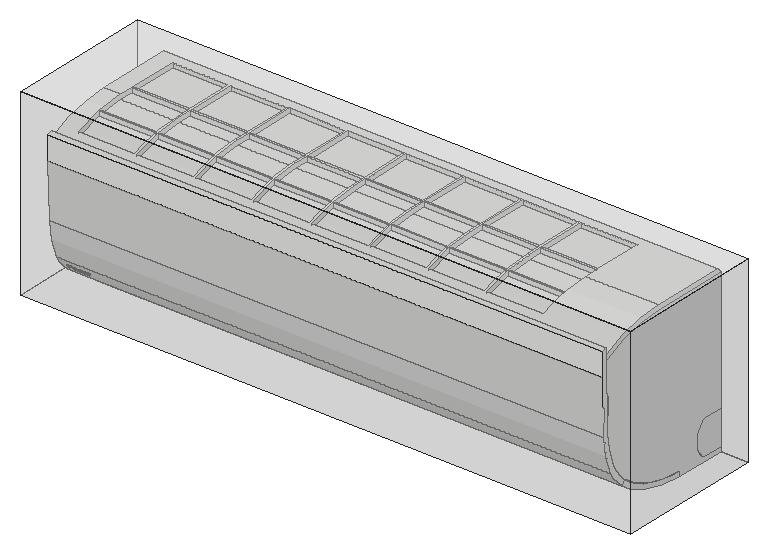
Revit family "outputfile", category 機械設備, Revit 2024
Family settings
  丸型コネクタ寸法 = 半径を使用
  パーツ タイプ = 標準
  OmniClass 番号 = 23.75.10.24.21.27.27
  OmniClass タイトル = Split System Air Conditioning Units
  作業面ベース = いいえ
  常に垂直 = はい
  ロード時にボイドで切り取り = いいえ
  注釈の向きを維持 = いいえ
  共有 = いいえ
  部屋計算ポイント = いいえ
Parameters (values of type "FTXV71UVMA")
  Description = ""
  書き出し IFC クラス(タイプ) = "IfcUnitaryEquipmentType"
  定義済み IFC タイプ(タイプ) = "AIRCONDITIONINGUNIT"
  Cost = 0
  Type Comments = ""
  Keynote = ""
  Type Image = (empty or 0)
  Assembly Code = ""
  w_wall hole = if(Width = 770.0 mm, 48.0 mm, 60.0 mm)  # 60.0 mm
  製造元 = "Daikin"
  モデル = "FTXV71UVMA"
  switch_frequency = yes
  r_Liquid Pipe Size = Liquid Pipe Size / 2  # 3.2 mm
  r_Gas Pipe Size = Gas Pipe Size / 2  # 7.95 mm
  r_Drain Pipe Size = Drain Pipe Size / 2  # 8.0 mm
  lw_powersupply [instance] = if(Width = 770.0 mm, if(or(Rear Right Connection_refrigerant, Bottom Right Connection_refrigerant), 25.0 mm, if(or(Rear Left Connection_refrigerant, Bottom Left Connection_refrigerant), 745.0 mm, 400.0 mm)), if(Width = 990.0 mm, if(or(Rear Right Connection_refrigerant, Bottom Right Connection_refrigerant), 40.0 mm, if(or(Rear Left Connection_refrigerant, Bottom Left Connection_refrigerant), 920.0 mm, 400.0 mm)), if(or(Rear Right Connection_refrigerant, Bottom Right Connection_refrigerant), 40.0 mm, if(or(Rear Left Connection_refrigerant, Bottom Left Connection_refrigerant), 920.0 mm, 400.0 mm))))  # 400.0 mm
  lw_liquidpipe [instance] = if(Width = 770.0 mm, if(or(Rear Right Connection_refrigerant, Bottom Right Connection_refrigerant), 0.0 mm, if(or(Rear Left Connection_refrigerant, Bottom Left Connection_refrigerant), 664.0 mm, 385.0 mm)), if(Width = 990.0 mm, if(or(Rear Right Connection_refrigerant, Bottom Right Connection_refrigerant), 0.0 mm, if(or(Rear Left Connection_refrigerant, Bottom Left Connection_refrigerant), 664.0 mm + (990.0 mm - 770.0 mm), 475.0 mm)), if(or(Rear Right Connection_refrigerant, Bottom Right Connection_refrigerant), 0.0 mm, if(or(Rear Left Connection_refrigerant, Bottom Left Connection_refrigerant), 664.0 mm + (990.0 mm - 770.0 mm), 475.0 mm))))  # 475.0 mm
  lw_gaspipe [instance] = if(Width = 770.0 mm, if(or(Rear Right Connection_refrigerant, Bottom Right Connection_refrigerant), 0.0 mm, if(or(Rear Left Connection_refrigerant, Bottom Left Connection_refrigerant), 675.0 mm, if(Gas Pipe Size = 12.7 mm, 345.0 mm, 335.0 mm))), if(Width = 990.0 mm, if(or(Rear Right Connection_refrigerant, Bottom Right Connection_refrigerant), 10.0 mm, if(or(Rear Left Connection_refrigerant, Bottom Left Connection_refrigerant), 890.0 mm, if(Gas Pipe Size = 15.9 mm, 410.0 mm, 400.0 mm))), if(or(Rear Right Connection_refrigerant, Bottom Right Connection_refrigerant), 10.0 mm, if(or(Rear Left Connection_refrigerant, Bottom Left Connection_refrigerant), 890.0 mm, if(Gas Pipe Size = 15.9 mm, 410.0 mm, 400.0 mm)))))  # 410.0 mm
  lw_drainpipe [instance] = if(Width = 770.0 mm, if(or(Rear Right Connection_refrigerant, Bottom Right Connection_refrigerant), 0.0 mm, if(or(Rear Left Connection_refrigerant, Bottom Left Connection_refrigerant), 770.0 mm - 48.0 mm - 48.0 mm, 440.0 mm)), if(Width = 990.0 mm, if(or(Rear Right Connection_refrigerant, Bottom Right Connection_refrigerant), 0.0 mm, if(or(Rear Left Connection_refrigerant, Bottom Left Connection_refrigerant), 675.0 mm + (990.0 mm - 770.0 mm), 435.0 mm)), if(or(Rear Right Connection_refrigerant, Bottom Right Connection_refrigerant), 0.0 mm, if(or(Rear Left Connection_refrigerant, Bottom Left Connection_refrigerant), 675.0 mm + (990.0 mm - 770.0 mm), 435.0 mm))))  # 435.0 mm
  l_powersupply_length [instance] = if(Width = 770.0 mm, if(Right Connection_refrigerant, 400.0 mm, if(Left Connection_refrigerant, 770.0 mm - 400.0 mm, if(or(Rear Left Connection_refrigerant, Rear Right Connection_refrigerant), 15.0 mm, 50.0 mm))), if(Width = 990.0 mm, if(Right Connection_refrigerant, 400.0 mm, if(Left Connection_refrigerant, 990.0 mm - 400.0 mm, if(or(Rear Left Connection_refrigerant, Rear Right Connection_refrigerant), 15.0 mm, 50.0 mm))), if(Right Connection_refrigerant, 400.0 mm, if(Left Connection_refrigerant, 990.0 mm - 400.0 mm, if(or(Rear Left Connection_refrigerant, Rear Right Connection_refrigerant), 15.0 mm, 50.0 mm)))))  # 400.0 mm
  l_liquidpipe_length [instance] = if(Width = 770.0 mm, if(Right Connection_refrigerant, 433.0 mm, if(Left Connection_refrigerant, 337.0 mm, if(or(Rear Left Connection_refrigerant, Rear Right Connection_refrigerant), 30.0 mm, 40.0 mm))), if(Width = 990.0 mm, if(Right Connection_refrigerant, 535.0 mm, if(Left Connection_refrigerant, 455.0 mm, if(or(Rear Left Connection_refrigerant, Rear Right Connection_refrigerant), 30.0 mm, 40.0 mm))), if(Right Connection_refrigerant, 535.0 mm, if(Left Connection_refrigerant, 455.0 mm, if(or(Rear Left Connection_refrigerant, Rear Right Connection_refrigerant), 30.0 mm, 40.0 mm)))))  # 535.0 mm
  l_gaspipe_length [instance] = if(Width = 770.0 mm, if(Right Connection_refrigerant, if(Gas Pipe Size = 12.7 mm, 393.0 mm, 383.0 mm), if(Left Connection_refrigerant, if(Gas Pipe Size = 12.7 mm, 770.0 mm - 393.0 mm, 770.0 mm - 383.0 mm), if(or(Rear Left Connection_refrigerant, Rear Right Connection_refrigerant), 40.0 mm, 50.0 mm))), if(Width = 990.0 mm, if(Right Connection_refrigerant, if(Gas Pipe Size = 15.9 mm, 470.0 mm, 460.0 mm), if(Left Connection_refrigerant, if(Gas Pipe Size = 15.9 mm, 990.0 mm - 470.0 mm, 990.0 mm - 460.0 mm), if(or(Rear Left Connection_refrigerant, Rear Right Connection_refrigerant), 40.0 mm, 50.0 mm))), if(Right Connection_refrigerant, if(Gas Pipe Size = 15.9 mm, 460.0 mm, 460.0 mm), if(Left Connection_refrigerant, if(Gas Pipe Size = 15.9 mm, 990.0 mm - 460.0 mm, 990.0 mm - 460.0 mm), if(or(Rear Left Connection_refrigerant, Rear Right Connection_refrigerant), 40.0 mm, 50.0 mm)))))  # 470.0 mm
  l_drainpipe_length [instance] = if(Width = 770.0 mm, if(Right Connection_refrigerant, 488.0 mm, if(Left Connection_refrigerant, 282.0 mm, if(or(Rear Left Connection_refrigerant, Rear Right Connection_refrigerant), 15.0 mm, 20.0 mm))), if(Width = 990.0 mm, if(Right Connection_refrigerant, 495.0 mm, if(Left Connection_refrigerant, 495.0 mm, if(or(Rear Left Connection_refrigerant, Rear Right Connection_refrigerant), 15.0 mm, 20.0 mm))), if(Right Connection_refrigerant, 495.0 mm, if(Left Connection_refrigerant, 495.0 mm, if(or(Rear Left Connection_refrigerant, Rear Right Connection_refrigerant), 15.0 mm, 20.0 mm)))))  # 495.0 mm
  h*** = 0.0 mm  # constant formula
  connector_voltage = Voltage_50Hz  # 230 V
  connector_powerinput = [Power Input (Cooling)]  # 1.990 kW
  connector_phase = Phase_50Hz  # 1
  angle_vertical [instance] = if(or(Bottom Left Connection_refrigerant, Bottom Right Connection_refrigerant), 0.00°, 90.00°)  # 90.00°
  angle_horizontal [instance] = if(Right Connection_refrigerant, 90.00°, if(Left Connection_refrigerant, -90.00°, if(or(Rear Left Connection_refrigerant, Rear Right Connection_refrigerant), 180.00°, 0.00°)))  # 90.00°
  Width = 990.0 mm
  Voltage_comment_60Hz = "220-230"
  Voltage_comment_50Hz = "220 - 240"
  Voltage_60Hz = 220 V
  Voltage_50Hz = 230 V
  Version = "ver.1.0"
  Unit Type = "Wall Mounted"
  Unit Mass Weight = 13.00 kg
  Unit Designation [instance] = ""
  Uniclass2015Version = "Products v1.30"
  Uniclass2015Title = "Split coil room air conditioning units"
  Uniclass2015Code = "Pr_70_65_03_86"
  URL = ""
  Total Heating Capacity [instance] = 0.000 kW
  Total Cooling Capacity [instance] = 0.000 kW
  Sound Pressure Level_M speed (dBA) = 45
  Sound Pressure Level_L speed (dBA) = 37
  Sound Pressure Level_H speed (dBA) = 49
  Sound Power Level_H speed (dB) = 0
  Series = "Single Split_Fan Coil Unit"
  Sensible Cooling Capacity [instance] = 0.000 kW
  Refrigerant Type = "R32"
  Power Input (Heating) = 2.030 kW
  Power Input (Cooling) = 1.990 kW
  Phase_60Hz = 1
  Phase_50Hz = 1
  Option Accessory 3 [instance] = ""
  Option Accessory 2 [instance] = ""
  Option Accessory 1 [instance] = ""
  Nominal Heating Capacity = 8.000 kW
  Nominal Cooling Capacity = 7.100 kW
  Minimum Circuit Amps_60Hz = 0.0 A
  Minimum Circuit Amps_50Hz = 0.0 A
  Minimum Airflow = 738.00 m³/h
  Median Airflow = 936.00 m³/h
  Maximum Fuse Amps_60Hz = 0.0 A
  Maximum Fuse Amps_50Hz = 0.0 A
  Maximum Airflow = 1116.00 m³/h
  Material_Casing = DAIKIN_PureWhite_Casing_indoorunit
  Load Classification = HVAC
  Liquid Pipe Size = 6.4 mm
  Link_Nested Family [instance] = ""
  IfcVersion = ""
  IfcExportType = "AIRCONDITIONINGUNIT"
  IfcExportAs = "IfcUnitaryEquipmentType"
  Height = 295.0 mm
  Heating Entering Wet Bulb Temperature [instance] = -273.15 °C
  Heating Entering Dry Bulb Temperature [instance] = -273.15 °C
  Heating Ambient Wet Bulb Temperature [instance] = -273.15 °C
  Heating Ambient Dry Bulb Temperature [instance] = -273.15 °C
  Heat Exchanger Type = "Cross Fin Coil"
  Gas Pipe Size = 15.9 mm
  Frequency_60Hz = 60 Hz
  Frequency_50Hz = 50 Hz
  Fan Type = "Cross Flow Fan"
  Fan Drive = "-"
  FCU Tag No. [instance] = ""
  Drain Pipe Size = 16.0 mm
  Design Supply Airflow [instance] = 0.00 m³/h
  Depth = 263.0 mm
  既定の高さ = 0.0 mm
  Cooling Entering Wet Bulb Temperature [instance] = 0.00 °C
  Cooling Entering Dry Bulb Temperature [instance] = 0.00 °C
  Cooling Ambient Wet Bulb Temperature [instance] = 0.00 °C
  Cooling Ambient Dry Bulb Temperature [instance] = 0.00 °C
  Clearance visibility [instance] = yes
  Clearance Top = 30.0 mm
  Clearance Right = 50.0 mm
  Clearance Rear = 0.0 mm
  Clearance Left = 50.0 mm
  Clearance Front = 0.0 mm
  Clearance Bottom = 0.0 mm
  Bottom Right Connection_refrigerant [instance] = no
  Bottom Left Connection_refrigerant [instance] = no
  Rear Right Connection_refrigerant [instance] = no
  Rear Left Connection_refrigerant [instance] = no
  Right Connection_refrigerant [instance] = yes
  Left Connection_refrigerant [instance] = no
Reference planes
  plane 1 "Back": y = 0
  plane 2: z = 0
  plane 3 "Center (Left/Right)": x = 0
  plane 4 "Center (Front/Back)": y = -131.5
  plane 5 "Front": y = -263
  plane 6 "Left": x = -495
  plane 7 "Right": x = 495
  plane 8 "Top": z = 0
  plane 9 "Bottom": z = -295
  plane 10: x = -545
  plane 11: x = 545
  plane 12: y = 0
  plane 13: y = -263
  plane 14: z = 30
  plane 15: z = -295
  plane 16 "lw_Piping and Wiring intake": x = 435
  plane 17 "lw_gaspipe": x = 25
  plane 18 "lw_liquidpipe": x = -40
  plane 19 "lw_drainpipe": x = 0
  plane 20 "lh_drainpipe": z = -275
  plane 21 "lh_liquidpipe": z = -255
  plane 22 "lh_gaspipe": z = -245
  plane 23 "ld_drainpipe": y = -15
  plane 24 "ld_liquidpipe": y = -30
  plane 25 "ld_gaspipe": y = -40
  plane 26 "lw_powersupply": x = 95
Dimensions and locks
  equal spacing: plane 6 "Left", plane 3 "Center (Left/Right)", plane 7 "Right"
  "Width": plane 6 "Left" to plane 7 "Right"
  equal spacing: plane 5 "Front", plane 4 "Center (Front/Back)", plane 1 "Back"
  "Depth": plane 5 "Front" to plane 1 "Back"
  "Height": plane 8 "Top" to plane 9 "Bottom"
  "Clearance Rear": plane 12 to plane 1 "Back"
  "Clearance Front": plane 13 to plane 5 "Front"
  "Clearance Top": plane 14 to plane 8 "Top"
  "Clearance Bottom": plane 9 "Bottom" to plane 15
  "w_wall hole": plane 16 "lw_Piping and Wiring intake" to plane 7 "Right"
  "lw_gaspipe": plane 17 "lw_gaspipe" to plane 16 "lw_Piping and Wiring intake"
  "lw_liquidpipe": plane 18 "lw_liquidpipe" to plane 16 "lw_Piping and Wiring intake"
  "lw_drainpipe": plane 19 "lw_drainpipe" to plane 16 "lw_Piping and Wiring intake"
  locked: plane 20 "lh_drainpipe" to plane 9 "Bottom" at 20
  locked: plane 21 "lh_liquidpipe" to plane 9 "Bottom" at 40
  locked: plane 22 "lh_gaspipe" to plane 9 "Bottom" at 50
  locked: plane 23 "ld_drainpipe" to plane 1 "Back" at 15
  locked: plane 1 "Back" to plane 24 "ld_liquidpipe" at 30
  locked: plane 1 "Back" to plane 25 "ld_gaspipe" at 40
  "lw_powersupply": plane 26 "lw_powersupply" to plane 7 "Right"
  "Clearance Left": plane 10 to plane 6 "Left"
  "Clearance Right": plane 7 "Right" to plane 11
  aligned and locked: level to plane 2
  aligned and locked: plane 12 to nested 1
  aligned and locked: nested 1 to plane 13
  aligned and locked: plane 10 to nested 1
  aligned and locked: plane 11 to nested 1
  aligned and locked: plane 15 to nested 1
  aligned and locked: plane 14 to nested 1
  aligned and locked: plane 17 "lw_gaspipe" to nested 2
  aligned and locked: nested 2 to plane 25 "ld_gaspipe"
  aligned and locked: plane 18 "lw_liquidpipe" to nested 3
  aligned and locked: nested 3 to plane 24 "ld_liquidpipe"
  aligned and locked: plane 19 "lw_drainpipe" to nested 4
  aligned and locked: nested 4 to plane 23 "ld_drainpipe"
  aligned and locked: nested 5 to plane 23 "ld_drainpipe"
  aligned and locked: plane 26 "lw_powersupply" to nested 5
  aligned and locked: level to plane 8 "Top"
  aligned and locked: plane 3 "Center (Left/Right)" to nested 6
  aligned and locked: plane 1 "Back" to nested 6
  aligned and locked: plane 8 "Top" to nested 6
Nested families
  nested 1: "daikin_clearancespace" at (0, -131.5, -132.381), show <- "Clearance visibility", visible <- "Clearance visibility", Link_Nested Family <- "Link_Nested Family", type "daikin_clearancespace"
    with width 1090.0 mm, show yes, height 325.0 mm, depth 263.0 mm, Link_Nested Family ""
  nested 2: "daikin_connector_rotate3" at (25, -40, -245), angle_vertical <- "angle_vertical", angle_horizontal <- "angle_horizontal", length <- "l_gaspipe_length", radius <- "r_Gas Pipe Size", type "daikin_connector_rotate3"
    with show no, radius 7.95 mm, length 470.0 mm, angle_vertical 90.00°, angle_horizontal 90.00°
  nested 3: "daikin_connector_rotate3" at (-40, -30, -255), angle_vertical <- "angle_vertical", angle_horizontal <- "angle_horizontal", radius <- "r_Liquid Pipe Size", length <- "l_liquidpipe_length", type "daikin_connector_rotate3"
    with show no, radius 3.2 mm, length 535.0 mm, angle_vertical 90.00°, angle_horizontal 90.00°
  nested 4: "daikin_connector_rotate3" at (0, -15, -275), angle_vertical <- "angle_vertical", angle_horizontal <- "angle_horizontal", length <- "l_drainpipe_length", radius <- "r_Drain Pipe Size", type "daikin_connector_rotate3"
    with show no, radius 8.0 mm, length 495.0 mm, angle_vertical 90.00°, angle_horizontal 90.00°
  nested 5: "daikin_connector_rotate3" at (95, -15, -245), angle_vertical <- "angle_vertical", angle_horizontal <- "angle_horizontal", length <- "l_powersupply_length", type "daikin_connector_rotate3"
    with show no, radius 10.0 mm, length 400.0 mm, angle_vertical 90.00°, angle_horizontal 90.00°
  nested 6: "DAIKIN_indoorunit_FTXV-UVMA" at (-31, 0, 0), type "FTXV-UVMA"
Connectors
  piping at (495, -40, -245), diameter 15.9, driven by "r_Gas Pipe Size"
    settings: on nested 2, index 1, connector inside diameter 609.6 mm, connector length 0.0 mm, flow factor 0, pipe flow 0.00 m³/h, pressure drop 0.0 Pa, fitting loss kfactor 0, connector angle 0.00°, fixture units 0, engagement length 0.0 mm, angle of deflection 0.00°, flow configuration 1, flow direction 2, fitting loss method 0, system type 29, joint type 0, gender type 0, connector reference index -1, connector utility 0, adjustable connector no, is connector primary yes, connector description "Refrigerant Gas Piping"
  piping at (495, -30, -255), diameter 6.4, driven by "r_Liquid Pipe Size"
    settings: on nested 3, index 2, connector inside diameter 609.6 mm, connector length 0.0 mm, flow factor 0, pipe flow 0.00 m³/h, pressure drop 0.0 Pa, fitting loss kfactor 0, connector angle 0.00°, fixture units 0, engagement length 0.0 mm, angle of deflection 0.00°, flow configuration 1, flow direction 1, fitting loss method 0, system type 29, joint type 0, gender type 0, connector reference index -1, connector utility 0, adjustable connector no, is connector primary no, connector description "Refrigerant Liquid Piping"
  piping at (495, -15, -275), diameter 16, driven by "r_Drain Pipe Size"
    settings: on nested 4, index 3, connector inside diameter 609.6 mm, connector length 0.0 mm, flow factor 0, pipe flow 0.00 m³/h, pressure drop 0.0 Pa, fitting loss kfactor 0, connector angle 0.00°, fixture units 0, engagement length 0.0 mm, angle of deflection 0.00°, flow configuration 1, flow direction 2, fitting loss method 4, system type 16, joint type 0, gender type 0, connector reference index -1, connector utility 0, adjustable connector no, is connector primary no, connector description "Condensate Drain Piping"
  electrical at (495, -15, -245), driven by "Load Classification", driven by "connector_voltage", driven by "connector_phase", driven by "connector_powerinput"
    settings: on nested 5, index 4, voltage 230 V, apparent load 1990 VA, apparent load phase1 0 VA, apparent load phase2 0 VA, apparent load phase3 0 VA, power factor 1, load classification "HVAC", number of poles 1, system type 30, power factor state 1, is connector primary yes, connector utility no, sub classification motor no, connector description "Power Supply"
Definition of nested family "daikin_clearancespace"
  Parameters (values of type "daikin_clearancespace")
    Description = "daikin_clearancespace"
    width [instance] = 1823.963 mm
    show [instance] = yes
    material = none
    height [instance] = 1359.762 mm
    depth [instance] = 880.0 mm
    Default Elevation = 0.0 mm
    Link_Nested Family [instance] = ""
  Reference planes
    plane 1 "Center (Front/Back)": y = 0
    plane 2 "Center (Elevation)": z = -0.119
    plane 3 "Center (Left/Right)": x = 0
    plane 4: y = 440
    plane 5: y = -440
    plane 6 "Right": x = 911.982
    plane 7 "Left": x = -911.982
    plane 8 "Top": z = 679.762
    plane 9 "Bottom": z = -680
  Forms (mm)
    Extrusion 1, solid, material <- "material", visible <- "show"
      sketch origin (0, 0, 0) x (1, 0, 0) y (0, 1, 0)
        loop
          line (-911.982, 440) -> (-911.982, -440) -> (911.982, -440) -> (911.982, 440) -> (-911.982, 440)
      from -680 to 679.762
  Lines and regions (mm)
    symbolic lines, visible <- "show"
      curve 1: line (911.982, 440, 0) -> (-911.982, 440, 0)
      curve 2: line (-911.982, 440, 0) -> (-911.982, -440, 0)
      curve 3: line (-911.982, -440, 0) -> (911.982, -440, 0)
      curve 4: line (911.982, -440, 0) -> (911.982, 440, 0)
      curve 5: line (911.982, 0, 679.762) -> (-911.982, 0, 679.762)
      curve 6: line (911.982, 0, -680) -> (911.982, 0, 679.762)
      curve 7: line (-911.982, 0, -680) -> (911.982, 0, -680)
      curve 8: line (-911.982, 0, 679.762) -> (-911.982, 0, -680)
      curve 9: line (0, 440, 679.762) -> (0, -440, 679.762)
      curve 10: line (0, -440, 679.762) -> (0, -440, -680)
      curve 11: line (0, 440, -680) -> (0, 440, 679.762)
      curve 12: line (0, -440, -680) -> (0, 440, -680)
  Dimensions and locks
    "width": plane 7 "Left" to plane 6 "Right"
    "depth": plane 4 to plane 5
    "height": plane 8 "Top" to plane 9 "Bottom"
    equal spacing: plane 7 "Left", plane 3 "Center (Left/Right)", plane 6 "Right"
    equal spacing: plane 4, plane 1 "Center (Front/Back)", plane 5
    equal spacing: plane 8 "Top", plane 2 "Center (Elevation)", plane 9 "Bottom"
    aligned and locked: level to plane 2 "Center (Elevation)"
    aligned and locked: Extrusion 1 sketch curve to plane 4
    aligned and locked: plane 7 "Left" to Extrusion 1 sketch curve
    aligned and locked: Extrusion 1 sketch curve to plane 5
    aligned and locked: Extrusion 1 sketch curve to plane 6 "Right"
    aligned and locked: plane 8 "Top" to Extrusion 1
    aligned and locked: curve 1 to Extrusion 1
    aligned and locked: curve 2 to Extrusion 1
    aligned and locked: curve 3 to Extrusion 1
    aligned and locked: curve 4 to Extrusion 1
    aligned and locked: curve 5 to Extrusion 1
    aligned and locked: curve 6 to Extrusion 1
    aligned and locked: curve 7 to Extrusion 1
    aligned and locked: curve 8 to Extrusion 1
    aligned and locked: curve 9 to Extrusion 1
    aligned and locked: curve 10 to Extrusion 1
    aligned and locked: curve 11 to Extrusion 1
    aligned and locked: curve 12 to Extrusion 1
    aligned and locked: Extrusion 1 to plane 9 "Bottom"
Definition of nested family "DAIKIN_indoorunit_FTXV-UVMA"
  Parameters (values of type "FTKF-TVMA")
    Width=990 = Width = 990.0 mm  # yes
    Width=770 = Width = 770.0 mm  # no
    Width = 990.0 mm
    WALL HOLE-R = if(Width = 770.0 mm, 48.0 mm, 60.0 mm)  # 60.0 mm
    WALL HOLE Size = if(Width = 770.0 mm, 65.0 mm, 80.0 mm)  # 80.0 mm
    Material_Casing = none
    Height = if(Width = 770.0 mm, 285.0 mm, 295.0 mm)  # 295.0 mm
    Default Elevation = 0.0 mm
  Reference planes
    plane 1 "Center (Front/Back)": y = 0
    plane 2 "reference_level": z = 0
    plane 3 "Center (Left/Right)": x = 31
    plane 4: x = -464
    plane 5: x = 526
    plane 6: z = -295
  Forms (mm)
    Extrusion 1, solid, material <- "Material_Casing", visible <- "Width=770"
      sketch origin (29, 0, 0) x (0, 1, 0) y (0, 0, 1)
        loop
          line (-5, 0) -> (-98, 0)
          arc (-98, 0) -> (-157.611, -7.211) -> (-213.783, -28.427) r 250
          arc (-213.783, -28.427) -> (-213.842, -32.972) -> (-213.892, -37.516) r 2191
          arc (-213.892, -37.516) -> (-157.832, -15.495) -> (-98.07, -8) r 242
          line (-98.07, -8) -> (0, -8) -> (-5, 0)
      from -383 to 387
    Extrusion 2, solid, material <- "Material_Casing", visible <- "Width=770"
      sketch origin (416, 1296.25, 1200) x (0, 1, 0) y (0, 0, 1)
        loop
          line (-1472.998, -1446.91) -> (-1476.998, -1453.839)
          arc (-1476.998, -1453.839) -> (-1437.481, -1472.422) -> (-1395.25, -1483.538) r 240
          line (-1395.25, -1483.538) -> (-1395.25, -1475.422)
          arc (-1395.25, -1475.422) -> (-1435.407, -1464.663) -> (-1472.998, -1446.91) r 232
      from 0 to -47.5
    Extrusion 3, solid, material <- "Material_Casing", visible <- "Width=770"
      sketch origin (29, 0, 0) x (0, 1, 0) y (0, 0, 1)
        loop
          arc (-223, -60.455) -> (-222.414, -110.646) -> (-220.656, -160.81) r 2149.92
          arc (-220.656, -160.81) -> (-219.65, -174.299) -> (-217.853, -187.706) r 229.911
          arc (-217.853, -187.706) -> (-205.371, -223.594) -> (-181.517, -253.17) r 111
          line (-181.517, -253.17) -> (-177.429, -246.093)
          arc (-177.429, -246.093) -> (-198.77, -218.989) -> (-209.965, -186.36) r 103
          arc (-209.965, -186.36) -> (-211.681, -173.586) -> (-212.651, -160.735) r 221.844
          arc (-212.651, -160.735) -> (-214.739, -93.233) -> (-214.74, -25.699) r 2186.828
          arc (-214.74, -25.699) -> (-214.671, -21.467) -> (-214.594, -17.235) r 2192
          line (-214.594, -17.235) -> (-223, -19.961) -> (-223, -60.455)
      from -383 to 387
    Extrusion 4, solid, material <- "Material_Casing", visible <- "Width=770"
      sketch origin (29, 0, -20) x (0, 1, 0) y (0, 0, 1)
        loop
          line (0, -265) -> (0, 12) -> (-98.07, 12)
          arc (-98.07, 12) -> (-157.832, 4.505) -> (-213.892, -17.516) r 242
          arc (-213.892, -17.516) -> (-213.638, -79.114) -> (-211.653, -140.681) r 2191
          arc (-211.653, -140.681) -> (-210.685, -153.501) -> (-208.973, -166.243) r 221
          arc (-208.973, -166.243) -> (-197.471, -199.282) -> (-175.482, -226.491) r 102
          arc (-175.482, -226.491) -> (-138.004, -244.019) -> (-98, -254.579) r 231
          line (-98, -254.579) -> (-98, -265) -> (0, -265)
      from -383 to 387
    Extrusion 5, solid, material <- "Material_Casing", visible <- "Width=770"
      sketch origin (-354, 1296.25, 1200) x (0, 1, 0) y (0, 0, 1)
        loop
          line (-1472.998, -1446.91) -> (-1476.998, -1453.839)
          arc (-1476.998, -1453.839) -> (-1437.481, -1472.422) -> (-1395.25, -1483.538) r 240
          line (-1395.25, -1483.538) -> (-1395.25, -1475.422)
          arc (-1395.25, -1475.422) -> (-1435.407, -1464.663) -> (-1472.998, -1446.91) r 232
      from 47 to 0
    Extrusion 6, solid, material <- "Material_Casing", visible <- "Width=770"
      sketch origin (416, 1296.25, 1200) x (0, 1, 0) y (0, 0, 1)
        loop
          line (-1472.998, -1446.91) -> (-1476.998, -1453.839)
          arc (-1476.998, -1453.839) -> (-1443.437, -1470.168) -> (-1407.75, -1481.097) r 240
          line (-1407.75, -1481.097) -> (-1407.75, -1472.894)
          arc (-1407.75, -1472.894) -> (-1441.363, -1462.385) -> (-1472.998, -1446.91) r 232
      from -116.993 to -48.493
    Extrusion 7, solid, material <- "Material_Casing", visible <- "Width=770"
      sketch origin (416, 1296.25, 1200) x (0, 1, 0) y (0, 0, 1)
        loop
          line (-1472.998, -1446.91) -> (-1476.998, -1453.839)
          arc (-1476.998, -1453.839) -> (-1443.437, -1470.168) -> (-1407.75, -1481.097) r 240
          line (-1407.75, -1481.097) -> (-1407.75, -1472.894)
          arc (-1407.75, -1472.894) -> (-1441.363, -1462.385) -> (-1472.998, -1446.91) r 232
      from -717 to -121.993
    Extrusion 8, void
      sketch origin (31, 0, -235) x (1, 0, 0) y (0, 1, 0)
        loop
          line (-252.674, -22.316) -> (-354.941, -22.316) -> (-354.941, -91.341) -> (-252.674, -91.341) -> (-252.674, -22.316)
        loop
          line (-249.341, -91.341) -> (-151.574, -91.341) -> (-151.574, -22.316) -> (-249.341, -22.316) -> (-249.341, -91.341)
        loop
          line (58.309, -22.316) -> (-148.309, -22.316) -> (-148.309, -91.341) -> (58.309, -91.341) -> (58.309, -22.316)
        loop
          line (61.689, -22.316) -> (61.689, -91.341) -> (159.457, -91.341) -> (159.457, -22.316) -> (61.689, -22.316)
        loop
          line (162.789, -22.316) -> (162.789, -91.341) -> (265.057, -91.341) -> (265.057, -22.316) -> (162.789, -22.316)
        loop
          line (-354.941, -94.659) -> (-354.941, -165.259) -> (-252.674, -165.259) -> (-252.674, -94.659) -> (-354.941, -94.659)
        loop
          line (-249.341, -94.659) -> (-249.341, -165.259) -> (-151.574, -165.259) -> (-151.574, -94.659) -> (-249.341, -94.659)
        loop
          line (-148.309, -94.659) -> (-148.309, -165.259) -> (58.309, -165.259) -> (58.309, -94.659) -> (-148.309, -94.659)
        loop
          line (61.689, -94.659) -> (61.689, -165.259) -> (159.457, -165.259) -> (159.457, -94.659) -> (61.689, -94.659)
        loop
          line (162.789, -94.659) -> (162.789, -165.259) -> (265.057, -165.259) -> (265.057, -94.659) -> (162.789, -94.659)
        loop
          line (-354.941, -167.382) -> (-354.941, -192.681) -> (-252.674, -192.681) -> (-252.674, -167.382) -> (-354.941, -167.382)
        loop
          line (-249.341, -167.382) -> (-249.341, -192.681) -> (-151.574, -192.681) -> (-151.574, -167.382) -> (-249.341, -167.382)
        loop
          line (-148.309, -167.382) -> (-148.309, -192.681) -> (58.309, -192.681) -> (58.309, -167.382) -> (-148.309, -167.382)
        loop
          line (159.457, -167.382) -> (61.689, -167.382) -> (61.689, -192.681) -> (159.457, -192.681) -> (159.457, -167.382)
        loop
          line (265.057, -167.382) -> (162.789, -167.382) -> (162.789, -192.681) -> (265.057, -192.681) -> (265.057, -167.382)
      from 201.638 to 250
    Extrusion 9, solid, material <- "Material_Casing"
      sketch origin (31, 0, 0) x (1, 0, 0) y (0, 0, 1)
        loop
          circle (435, -250.5) r 40
        loop
          circle (-447, -250.5) r 40
      from 0 to 5
    Extrusion 10, solid, material <- "Material_Casing", visible <- "Width=770"
      sketch origin (416, 1296.25, 1200) x (0, -1, 0) y (0, 0, 1)
        loop
          line (1326.25, -1417) -> (1296.25, -1417) -> (1296.25, -1477) -> (1326.25, -1477)
          arc (1326.25, -1477) -> (1340.393, -1471.142) -> (1346.25, -1457) r 20
          line (1346.25, -1457) -> (1346.25, -1437)
          arc (1346.25, -1437) -> (1340.393, -1422.858) -> (1326.25, -1417) r 20
      from 0 to 5
    Extrusion 11, solid, material <- "Material_Casing", visible <- "Width=770"
      sketch origin (-354, 1296.25, 1200) x (0, 1, 0) y (0, 0, 1)
        loop
          line (-1296.25, -1417) -> (-1326.25, -1417)
          arc (-1326.25, -1417) -> (-1340.393, -1422.858) -> (-1346.25, -1437) r 20
          line (-1346.25, -1437) -> (-1346.25, -1457)
          arc (-1346.25, -1457) -> (-1340.393, -1471.142) -> (-1326.25, -1477) r 20
          line (-1326.25, -1477) -> (-1296.25, -1477) -> (-1296.25, -1417)
      from 0 to 5
    Extrusion 12, solid, material <- "Material_Casing", visible <- "Width=770"
      sketch origin (31, 0, -285) x (-1, 0, 0) y (0, -1, 0)
        loop
          line (-314, 0) -> (-314, 30)
          arc (-314, 30) -> (-319.858, 44.142) -> (-334, 50) r 20
          line (-334, 50) -> (-354, 50)
          arc (-354, 50) -> (-368.142, 44.142) -> (-374, 30) r 20
          line (-374, 30) -> (-374, 0) -> (-314, 0)
        loop
          line (374, 0) -> (374, 30)
          arc (374, 30) -> (368.142, 44.142) -> (354, 50) r 20
          line (354, 50) -> (334, 50)
          arc (334, 50) -> (319.858, 44.142) -> (314, 30) r 20
          line (314, 30) -> (314, 0) -> (374, 0)
      from 0 to 5
    Extrusion 13, solid, material <- "Material_Casing", visible <- "Width=990"
      sketch origin (31, 0, 0) x (0, 1, 0) y (0, 0, 1)
        loop
          line (-5, 0) -> (-138, 0)
          arc (-138, 0) -> (-197.611, -7.211) -> (-253.783, -28.427) r 250
          arc (-253.783, -28.427) -> (-253.838, -32.687) -> (-253.886, -36.946) r 2191
          arc (-253.886, -36.946) -> (-197.73, -15.346) -> (-138.014, -8) r 246.393
          line (-138.014, -8) -> (0, -8) -> (-5, 0)
      from -495 to 495
    Extrusion 14, solid, material <- "Material_Casing", visible <- "Width=990"
      sketch origin (418, 1296.25, 1200) x (0, 1, 0) y (0, 0, 1)
        loop
          arc (-1515.208, -1454.149) -> (-1506.856, -1460.599) -> (-1497.925, -1466.219) r 110
          arc (-1497.925, -1466.219) -> (-1445.718, -1487.493) -> (-1389.844, -1494.995) r 223
          line (-1389.844, -1494.995) -> (-1389.844, -1486.086) -> (-1404.386, -1486.086)
          arc (-1404.386, -1486.086) -> (-1449.542, -1477.46) -> (-1491.818, -1459.402) r 214.289
          arc (-1491.818, -1459.402) -> (-1501.056, -1453.541) -> (-1509.606, -1446.715) r 101
          line (-1509.606, -1446.715) -> (-1515.208, -1454.149)
      from 108 to 57.5
    Extrusion 15, solid, material <- "Material_Casing", visible <- "Width=990"
      sketch origin (31, 0, 0) x (0, 1, 0) y (0, 0, 1)
        loop
          line (-263, -19.962) -> (-263, -61.6)
          arc (-263, -61.6) -> (-262.414, -110.219) -> (-260.656, -158.81) r 2017.341
          arc (-260.656, -158.81) -> (-255.648, -191.935) -> (-244.041, -223.362) r 164.725
          arc (-244.041, -223.362) -> (-233.569, -239.793) -> (-219.717, -253.495) r 87.379
          line (-219.717, -253.495) -> (-214.706, -246.846)
          arc (-214.706, -246.846) -> (-229.564, -230.029) -> (-240.385, -210.371) r 102
          arc (-240.385, -210.371) -> (-249.049, -182.962) -> (-252.848, -154.467) r 165.789
          arc (-252.848, -154.467) -> (-254.771, -90.102) -> (-254.74, -25.708) r 2122.533
          arc (-254.74, -25.708) -> (-254.671, -21.469) -> (-254.594, -17.23) r 2192
          line (-254.594, -17.23) -> (-263, -19.962)
      from -495 to 495
    Extrusion 16, void
      sketch origin (33, 0, 0) x (1, 0, 0) y (0, 1, 0)
        loop
          line (-466.909, -22.316) -> (-466.909, -111.341) -> (-366.303, -111.341) -> (-366.303, -22.316) -> (-466.909, -22.316)
        loop
          line (-362.71, -22.316) -> (-362.71, -111.341) -> (-262.103, -111.341) -> (-262.103, -22.316) -> (-362.71, -22.316)
        loop
          line (-258.51, -22.316) -> (-258.51, -111.341) -> (-157.904, -111.341) -> (-157.904, -22.316) -> (-258.51, -22.316)
        loop
          line (-154.31, -22.316) -> (-154.31, -111.341) -> (-53.704, -111.341) -> (-53.704, -22.316) -> (-154.31, -22.316)
        loop
          line (-50.11, -22.316) -> (-50.11, -111.341) -> (50.496, -111.341) -> (50.496, -22.316) -> (-50.11, -22.316)
        loop
          line (54.089, -22.316) -> (54.089, -111.341) -> (154.696, -111.341) -> (154.696, -22.316) -> (54.089, -22.316)
        loop
          line (158.289, -22.316) -> (158.289, -111.341) -> (258.895, -111.341) -> (258.895, -22.316) -> (158.289, -22.316)
        loop
          line (262.489, -22.316) -> (262.489, -111.341) -> (363.095, -111.341) -> (363.095, -22.316) -> (262.489, -22.316)
        loop
          line (-466.909, -114.459) -> (-466.909, -185.059) -> (-366.303, -185.059) -> (-366.303, -114.459) -> (-466.909, -114.459)
        loop
          line (-362.71, -114.459) -> (-362.71, -185.059) -> (-262.103, -185.059) -> (-262.103, -114.459) -> (-362.71, -114.459)
        loop
          line (-258.51, -114.459) -> (-258.51, -185.059) -> (-157.904, -185.059) -> (-157.904, -114.459) -> (-258.51, -114.459)
        loop
          line (-154.31, -114.459) -> (-154.31, -185.059) -> (-53.704, -185.059) -> (-53.704, -114.459) -> (-154.31, -114.459)
        loop
          line (-50.11, -114.459) -> (-50.11, -185.059) -> (50.496, -185.059) -> (50.496, -114.459) -> (-50.11, -114.459)
        loop
          line (54.089, -114.459) -> (54.089, -185.059) -> (154.696, -185.059) -> (154.696, -114.459) -> (54.089, -114.459)
        loop
          line (158.289, -114.459) -> (158.289, -185.059) -> (258.895, -185.059) -> (258.895, -114.459) -> (158.289, -114.459)
        loop
          line (262.489, -114.459) -> (262.489, -185.059) -> (363.095, -185.059) -> (363.095, -114.459) -> (262.489, -114.459)
        loop
          line (-466.909, -187.382) -> (-466.909, -232.681) -> (-366.303, -232.681) -> (-366.303, -187.382) -> (-466.909, -187.382)
        loop
          line (-362.71, -187.382) -> (-362.71, -232.681) -> (-262.103, -232.681) -> (-262.103, -187.382) -> (-362.71, -187.382)
        loop
          line (-258.51, -187.382) -> (-258.51, -232.681) -> (-157.904, -232.681) -> (-157.904, -187.382) -> (-258.51, -187.382)
        loop
          line (-154.31, -187.382) -> (-154.31, -232.681) -> (-53.704, -232.681) -> (-53.704, -187.382) -> (-154.31, -187.382)
        loop
          line (-50.11, -187.382) -> (-50.11, -232.681) -> (50.496, -232.681) -> (50.496, -187.382) -> (-50.11, -187.382)
        loop
          line (54.089, -187.382) -> (54.089, -232.681) -> (154.696, -232.681) -> (154.696, -187.382) -> (54.089, -187.382)
        loop
          line (158.289, -187.382) -> (158.289, -232.681) -> (258.895, -232.681) -> (258.895, -187.382) -> (158.289, -187.382)
        loop
          line (262.489, -187.382) -> (262.489, -232.681) -> (363.095, -232.681) -> (363.095, -187.382) -> (262.489, -187.382)
      from -40.013 to 47.268
    Extrusion 17, solid, material <- "Material_Casing", visible <- "Width=990"
      sketch origin (-356, 1296.25, 1200) x (0, 1, 0) y (0, 0, -1)
        loop
          line (-1515.208, 1454.149) -> (-1509.606, 1446.715)
          arc (-1509.606, 1446.715) -> (-1501.056, 1453.541) -> (-1491.818, 1459.402) r 101
          arc (-1491.818, 1459.402) -> (-1449.542, 1477.46) -> (-1404.386, 1486.086) r 214.289
          line (-1404.386, 1486.086) -> (-1389.844, 1486.086) -> (-1389.844, 1494.995)
          arc (-1389.844, 1494.995) -> (-1445.718, 1487.493) -> (-1497.925, 1466.219) r 223
          arc (-1497.925, 1466.219) -> (-1506.856, 1460.599) -> (-1515.208, 1454.149) r 110
      from 108 to 61
    Extrusion 18, solid, material <- "Material_Casing", visible <- "Width=990"
      sketch origin (418, 1296.25, 1200) x (0, 1, 0) y (0, 0, 1)
        loop
          arc (-1515.208, -1454.149) -> (-1506.856, -1460.599) -> (-1497.925, -1466.219) r 110
          arc (-1497.925, -1466.219) -> (-1463.185, -1482.066) -> (-1426.25, -1491.755) r 223
          line (-1426.25, -1491.755) -> (-1426.25, -1483.166)
          arc (-1426.25, -1483.166) -> (-1460.008, -1473.969) -> (-1491.818, -1459.402) r 214.289
          arc (-1491.818, -1459.402) -> (-1501.056, -1453.541) -> (-1509.606, -1446.715) r 101
          line (-1509.606, -1446.715) -> (-1515.208, -1454.149)
      from 56.5 to -36.993
    Extrusion 19, solid, material <- "Material_Casing", visible <- "Width=990"
      sketch origin (418, 1296.25, 1200) x (0, 1, 0) y (0, 0, 1)
        loop
          arc (-1426.25, -1483.166) -> (-1443.442, -1479.224) -> (-1460.25, -1473.881) r 214.289
          line (-1460.25, -1473.881) -> (-1460.25, -1483.089)
          arc (-1460.25, -1483.089) -> (-1443.421, -1488.091) -> (-1426.25, -1491.755) r 223
          line (-1426.25, -1491.755) -> (-1426.25, -1483.166)
      from -43.493 to -828.893
    Extrusion 20, solid, material <- "Material_Casing", visible <- "Width=990"
      sketch origin (418, 1296.25, 1200) x (0, 1, 0) y (0, 0, 1)
        loop
          arc (-1515.208, -1454.149) -> (-1506.856, -1460.599) -> (-1497.925, -1466.219) r 110
          arc (-1497.925, -1466.219) -> (-1479.479, -1475.527) -> (-1460.25, -1483.089) r 223
          line (-1460.25, -1483.089) -> (-1460.25, -1473.881)
          arc (-1460.25, -1473.881) -> (-1476.328, -1467.282) -> (-1491.818, -1459.402) r 214.289
          arc (-1491.818, -1459.402) -> (-1501.056, -1453.541) -> (-1509.606, -1446.715) r 101
          line (-1509.606, -1446.715) -> (-1515.208, -1454.149)
      from -43.493 to -828.893
    Extrusion 21, solid, material <- "Material_Casing", visible <- "Width=990"
      sketch origin (31, 0, -30) x (0, 1, 0) y (0, 0, 1)
        loop
          line (0, 22) -> (-138.014, 22)
          arc (-138.014, 22) -> (-197.73, 14.654) -> (-253.886, -6.946) r 246.393
          arc (-253.886, -6.946) -> (-253.682, -65.635) -> (-251.855, -124.295) r 2120.935
          arc (-251.855, -124.295) -> (-248.086, -152.682) -> (-239.461, -179.988) r 164.789
          arc (-239.461, -179.988) -> (-228.903, -199.231) -> (-214.437, -215.738) r 101
          line (-214.437, -215.738) -> (-212.406, -216.221)
          arc (-212.406, -216.221) -> (-204.07, -222.837) -> (-195.079, -228.53) r 100
          arc (-195.079, -228.53) -> (-145.557, -248.629) -> (-92.593, -255.785) r 213.289
          line (-92.593, -255.785) -> (-92.593, -265) -> (0, -265) -> (0, 22)
      from -495 to 495
    Extrusion 22, solid, material <- "Material_Casing", visible <- "Width=990"
      sketch origin (526, 1296.25, 1200) x (0, -1, 0) y (0, 0, 1)
        loop
          line (1326.25, -1427.035) -> (1296.25, -1427.035) -> (1296.25, -1487.035) -> (1326.25, -1487.035)
          arc (1326.25, -1487.035) -> (1340.393, -1481.177) -> (1346.25, -1467.035) r 20
          line (1346.25, -1467.035) -> (1346.25, -1447.035)
          arc (1346.25, -1447.035) -> (1340.393, -1432.892) -> (1326.25, -1427.035) r 20
      from 0 to 5
    Extrusion 23, solid, material <- "Material_Casing", visible <- "Width=990"
      sketch origin (-459, 1296.25, 1200) x (0, -1, 0) y (0, 0, 1)
        loop
          line (1326.25, -1427.035) -> (1296.25, -1427.035) -> (1296.25, -1487.035) -> (1326.25, -1487.035)
          arc (1326.25, -1487.035) -> (1340.393, -1481.177) -> (1346.25, -1467.035) r 20
          line (1346.25, -1467.035) -> (1346.25, -1447.035)
          arc (1346.25, -1447.035) -> (1340.393, -1432.892) -> (1326.25, -1427.035) r 20
      from 0 to 5
    Extrusion 24, solid, material <- "Material_Casing", visible <- "Width=990"
      sketch origin (31, 200, -295) x (-1, 0, 0) y (0, -1, 0)
        loop
          line (469, 200) -> (469, 230)
          arc (469, 230) -> (463.142, 244.142) -> (449, 250) r 20
          line (449, 250) -> (429, 250)
          arc (429, 250) -> (414.858, 244.142) -> (409, 230) r 20
          line (409, 230) -> (409, 200) -> (469, 200)
        loop
          line (-469, 200) -> (-409, 200) -> (-409, 230)
          arc (-409, 230) -> (-414.858, 244.142) -> (-429, 250) r 20
          line (-429, 250) -> (-449, 250)
          arc (-449, 250) -> (-463.142, 244.142) -> (-469, 230) r 20
          line (-469, 230) -> (-469, 200)
      from 0 to 5
  Cuts and joins
    Extrusion 8 cuts Extrusion 1
    Extrusion 16 cuts Extrusion 13
  Lines and regions (mm)
    reference lines
      curve 1: line (-523, -201.911, -229.404) -> (-523, -193.542, -239.977)
      curve 2: line (-523, -240.779, -229.404) -> (-523, -232.411, -239.977)
  Dimensions and locks
    locked: Extrusion 10 sketch curve to Extrusion 10 sketch curve at 60
    locked: Extrusion 10 sketch curve to Extrusion 10 sketch curve at 50
    locked: Extrusion 12 sketch curve to Extrusion 12 sketch curve at 60  (x2)
    locked: Extrusion 12 sketch curve to Extrusion 12 sketch curve at 50
    equal spacing: plane 5, plane 3 "Center (Left/Right)", plane 4
    "Width": plane 5 to plane 4
    locked: Extrusion 9 sketch curve to plane 4 at 48
    "WALL HOLE-R": plane 5 to Extrusion 9 sketch curve
    "Height": plane 2 "reference_level" to plane 6
    locked: Extrusion 9 sketch curve to plane 6 at 44.5  (x2)
    locked: Extrusion 15 to nested 2 at 15
    locked: Extrusion 22 sketch curve to Extrusion 22 sketch curve at 60
    locked: Extrusion 22 sketch curve to Extrusion 22 sketch curve at 50
    locked: Extrusion 23 sketch curve to Extrusion 23 sketch curve at 60
    locked: Extrusion 23 sketch curve to Extrusion 23 sketch curve at 50
    locked: Extrusion 24 sketch curve to Extrusion 24 sketch curve at 60  (x2)
    locked: Extrusion 24 sketch curve to Extrusion 24 sketch curve at 50  (x2)
    "WALL HOLE Size": diameter of Extrusion 9 sketch curve  (x2)
    aligned and locked: level to plane 2 "reference_level"
    aligned and locked: nested 1 to curve 1
    aligned and locked: Extrusion 11 sketch curve to Extrusion 10  (x4)
    aligned and locked: Extrusion 12 sketch curve to Extrusion 12 sketch curve  (x2)
    aligned and locked: Extrusion 9 to plane 1 "Center (Front/Back)"
    aligned and locked: nested 2 to curve 2
  Automatic sketch dimensions
    curve 1 to level = 239.977 mm
    plane 1 "Center (Front/Back)" to curve 1 = 193.542 mm
    curve 2 to curve 1 = 0.0 mm
    curve 2 to curve 2 = 10.573 mm
    curve 1 to curve 1 = 10.573 mm
    curve 1 to curve 1 = 8.368 mm
    curve 1 to curve 2 = 30.5 mm
    curve 2 to curve 2 = 8.368 mm
    Extrusion 1 sketch curve to level = 0.0 mm
    Extrusion 1 sketch curve to plane 1 "Center (Front/Back)" = 0.0 mm
    plane 1 "Center (Front/Back)" to Extrusion 1 sketch curve = 5.0 mm
    plane 1 "Center (Front/Back)" to Extrusion 1 sketch curve = 98.0 mm
    Extrusion 1 sketch curve to Extrusion 1 sketch curve = 0.07 mm
    Extrusion 1 sketch curve to level = 59.292 mm
    Extrusion 1 sketch curve to plane 1 "Center (Front/Back)" = 1977.0 mm
    Extrusion 1 sketch curve to level = 250.0 mm
    Extrusion 1 sketch curve to Extrusion 1 sketch curve = 0.0 mm
    Extrusion 1 sketch curve to level = 8.0 mm
    Extrusion 1 sketch curve to level = 28.427 mm
    plane 1 "Center (Front/Back)" to Extrusion 2 sketch curve = 180.748 mm
    Extrusion 2 sketch curve to Extrusion 2 sketch curve = 4.0 mm
    Extrusion 2 sketch curve to Extrusion 2 sketch curve = 77.747 mm
    plane 1 "Center (Front/Back)" to Extrusion 2 sketch curve = 59.279 mm
    Extrusion 2 sketch curve to Extrusion 2 sketch curve = 0.0 mm
    Extrusion 2 sketch curve to level = 283.538 mm
    Extrusion 2 sketch curve to Extrusion 2 sketch curve = 8.116 mm
    Extrusion 2 sketch curve to Extrusion 2 sketch curve = 21.583 mm
    Extrusion 2 sketch curve to Extrusion 2 sketch curve = 6.929 mm
    Extrusion 3 sketch curve to level = 19.961 mm
    plane 1 "Center (Front/Back)" to Extrusion 3 sketch curve = 223.0 mm
    Extrusion 3 sketch curve to level = 17.235 mm
    Extrusion 3 sketch curve to Extrusion 3 sketch curve = 8.406 mm
    plane 1 "Center (Front/Back)" to Extrusion 3 sketch curve = 181.517 mm
    Extrusion 3 sketch curve to Extrusion 3 sketch curve = 4.087 mm
    Extrusion 3 sketch curve to Extrusion 3 sketch curve = 69.11 mm
    Extrusion 3 sketch curve to Extrusion 3 sketch curve = 0.001 mm
    Extrusion 3 sketch curve to plane 1 "Center (Front/Back)" = 8.955 mm
    Extrusion 3 sketch curve to Extrusion 3 sketch curve = 0.067 mm
    Extrusion 3 sketch curve to level = 60.455 mm
    Extrusion 3 sketch curve to Extrusion 3 sketch curve = 1917.898 mm
    Extrusion 3 sketch curve to Extrusion 3 sketch curve = 44.907 mm
    Extrusion 3 sketch curve to Extrusion 3 sketch curve = 5.172 mm
    Extrusion 3 sketch curve to level = 150.456 mm
    Extrusion 3 sketch curve to Extrusion 3 sketch curve = 0.006 mm
    Extrusion 3 sketch curve to Extrusion 3 sketch curve = 19.265 mm
    Extrusion 3 sketch curve to Extrusion 3 sketch curve = 0.004 mm
    Extrusion 3 sketch curve to Extrusion 3 sketch curve = 76.368 mm
    Extrusion 3 sketch curve to Extrusion 3 sketch curve = 7.077 mm
    Extrusion 3 sketch curve to Extrusion 3 sketch curve = 1.002 mm
    Extrusion 3 sketch curve to Extrusion 3 sketch curve = 0.046 mm
    Extrusion 3 sketch curve to Extrusion 3 sketch curve = 8.005 mm
    Extrusion 3 sketch curve to Extrusion 3 sketch curve = 0.147 mm
    Extrusion 3 sketch curve to Extrusion 3 sketch curve = 0.0 mm
    Extrusion 4 sketch curve to plane 1 "Center (Front/Back)" = 0.0 mm
    plane 1 "Center (Front/Back)" to Extrusion 4 sketch curve = 59.278 mm
    Extrusion 4 sketch curve to Extrusion 4 sketch curve = 98.0 mm
    Extrusion 4 sketch curve to Extrusion 4 sketch curve = 0.0 mm  (x3)
    Extrusion 4 sketch curve to level = 8.0 mm
    Extrusion 4 sketch curve to Extrusion 4 sketch curve = 38.791 mm
    Extrusion 4 sketch curve to Extrusion 4 sketch curve = 10.249 mm
    Extrusion 4 sketch curve to plane 1 "Center (Front/Back)" = 9.11 mm
    Extrusion 4 sketch curve to level = 59.292 mm
    Extrusion 4 sketch curve to Extrusion 4 sketch curve = 1967.89 mm
    Extrusion 4 sketch curve to Extrusion 4 sketch curve = 142.454 mm
    Extrusion 4 sketch curve to Extrusion 4 sketch curve = 19.271 mm
    Extrusion 4 sketch curve to Extrusion 4 sketch curve = 80.275 mm
    Extrusion 4 sketch curve to Extrusion 4 sketch curve = 24.579 mm
    Extrusion 4 sketch curve to Extrusion 4 sketch curve = 10.421 mm
    Extrusion 4 sketch curve to level = 46.847 mm
    Extrusion 4 sketch curve to Extrusion 4 sketch curve = 77.412 mm
    Extrusion 4 sketch curve to Extrusion 4 sketch curve = 33.49 mm
    Extrusion 4 sketch curve to Extrusion 4 sketch curve = 2.68 mm
    plane 1 "Center (Front/Back)" to Extrusion 5 sketch curve = 180.748 mm
    Extrusion 5 sketch curve to Extrusion 5 sketch curve = 4.0 mm
    Extrusion 5 sketch curve to Extrusion 5 sketch curve = 77.747 mm
    plane 1 "Center (Front/Back)" to Extrusion 5 sketch curve = 59.279 mm
    Extrusion 5 sketch curve to Extrusion 5 sketch curve = 0.0 mm
    Extrusion 5 sketch curve to level = 283.538 mm
    Extrusion 5 sketch curve to Extrusion 5 sketch curve = 8.116 mm
    Extrusion 5 sketch curve to Extrusion 5 sketch curve = 21.583 mm
    Extrusion 5 sketch curve to Extrusion 5 sketch curve = 6.929 mm
    plane 1 "Center (Front/Back)" to Extrusion 6 sketch curve = 180.748 mm
    Extrusion 6 sketch curve to Extrusion 6 sketch curve = 4.0 mm
    Extrusion 6 sketch curve to Extrusion 6 sketch curve = 65.247 mm
    plane 1 "Center (Front/Back)" to Extrusion 6 sketch curve = 59.279 mm
    Extrusion 6 sketch curve to Extrusion 6 sketch curve = 0.0 mm
    Extrusion 6 sketch curve to level = 281.097 mm
    Extrusion 6 sketch curve to Extrusion 6 sketch curve = 8.203 mm
    Extrusion 6 sketch curve to Extrusion 6 sketch curve = 19.055 mm
    Extrusion 6 sketch curve to Extrusion 6 sketch curve = 6.929 mm
    plane 1 "Center (Front/Back)" to Extrusion 7 sketch curve = 180.748 mm
    Extrusion 7 sketch curve to Extrusion 7 sketch curve = 4.0 mm
    Extrusion 7 sketch curve to Extrusion 7 sketch curve = 65.247 mm
    plane 1 "Center (Front/Back)" to Extrusion 7 sketch curve = 59.279 mm
    Extrusion 7 sketch curve to Extrusion 7 sketch curve = 0.0 mm
    Extrusion 7 sketch curve to level = 281.097 mm
    Extrusion 7 sketch curve to Extrusion 7 sketch curve = 8.203 mm
    Extrusion 7 sketch curve to Extrusion 7 sketch curve = 19.055 mm
    Extrusion 7 sketch curve to Extrusion 7 sketch curve = 6.929 mm
    plane 1 "Center (Front/Back)" to Extrusion 8 sketch curve = 165.259 mm  (x2)
    Extrusion 8 sketch curve to plane 3 "Center (Left/Right)" = 354.941 mm
    plane 1 "Center (Front/Back)" to Extrusion 8 sketch curve = 22.316 mm  (x3)
    Extrusion 8 sketch curve to Extrusion 8 sketch curve = 0.0 mm  (x26)
    Extrusion 8 sketch curve to Extrusion 8 sketch curve = 102.268 mm  (x2)
    Extrusion 8 sketch curve to Extrusion 8 sketch curve = 3.332 mm  (x4)
    Extrusion 8 sketch curve to Extrusion 8 sketch curve = 97.768 mm  (x2)
    Extrusion 8 sketch curve to Extrusion 8 sketch curve = 3.264 mm  (x3)
    plane 3 "Center (Left/Right)" to Extrusion 8 sketch curve = 58.309 mm
    Extrusion 8 sketch curve to Extrusion 8 sketch curve = 3.38 mm  (x3)
    Extrusion 8 sketch curve to Extrusion 8 sketch curve = 2.124 mm  (x6)
    Extrusion 8 sketch curve to Extrusion 8 sketch curve = 25.299 mm  (x2)
    Extrusion 8 sketch curve to Extrusion 8 sketch curve = 70.6 mm
    Extrusion 8 sketch curve to Extrusion 8 sketch curve = 3.317 mm  (x4)
    Extrusion 10 sketch curve to plane 1 "Center (Front/Back)" = 0.0 mm
    Extrusion 10 sketch curve to Extrusion 10 sketch curve = 20.0 mm  (x2)
    Extrusion 10 sketch curve to level = 277.0 mm
    plane 1 "Center (Front/Back)" to Extrusion 12 sketch curve = 0.0 mm
    plane 3 "Center (Left/Right)" to Extrusion 12 sketch curve = 374.0 mm
    Extrusion 12 sketch curve to Extrusion 12 sketch curve = 20.0 mm  (x3)
    plane 1 "Center (Front/Back)" to Extrusion 12 sketch curve = 30.0 mm
    Extrusion 12 sketch curve to plane 3 "Center (Left/Right)" = 314.0 mm
    Extrusion 13 sketch curve to level = 0.0 mm
    Extrusion 13 sketch curve to plane 1 "Center (Front/Back)" = 0.0 mm
    plane 1 "Center (Front/Back)" to Extrusion 13 sketch curve = 5.0 mm
    Extrusion 13 sketch curve to Extrusion 13 sketch curve = 133.0 mm
    Extrusion 13 sketch curve to Extrusion 13 sketch curve = 0.013 mm
    Extrusion 13 sketch curve to level = 59.292 mm
    Extrusion 13 sketch curve to plane 1 "Center (Front/Back)" = 1937.0 mm
    Extrusion 13 sketch curve to Extrusion 13 sketch curve = 250.0 mm
    Extrusion 13 sketch curve to Extrusion 13 sketch curve = 4.393 mm
    Extrusion 13 sketch curve to level = 8.0 mm
    Extrusion 13 sketch curve to level = 28.427 mm
    plane 1 "Center (Front/Back)" to Extrusion 14 sketch curve = 218.957 mm
    Extrusion 14 sketch curve to Extrusion 14 sketch curve = 5.601 mm
    Extrusion 14 sketch curve to Extrusion 14 sketch curve = 65.735 mm
    Extrusion 14 sketch curve to Extrusion 14 sketch curve = 1.462 mm
    plane 1 "Center (Front/Back)" to Extrusion 14 sketch curve = 108.136 mm
    Extrusion 14 sketch curve to Extrusion 14 sketch curve = 14.543 mm
    plane 1 "Center (Front/Back)" to Extrusion 14 sketch curve = 92.093 mm
    Extrusion 14 sketch curve to Extrusion 14 sketch curve = 1.354 mm
    Extrusion 14 sketch curve to level = 294.995 mm
    Extrusion 14 sketch curve to Extrusion 14 sketch curve = 8.909 mm
    Extrusion 14 sketch curve to Extrusion 14 sketch curve = 31.937 mm
    Extrusion 14 sketch curve to Extrusion 14 sketch curve = 7.433 mm
    Extrusion 14 sketch curve to Extrusion 14 sketch curve = 75.403 mm
    Extrusion 14 sketch curve to Extrusion 14 sketch curve = 0.896 mm
    Extrusion 14 sketch curve to level = 72.504 mm
    Extrusion 14 sketch curve to Extrusion 14 sketch curve = 0.504 mm
    Extrusion 15 sketch curve to level = 19.962 mm
    plane 1 "Center (Front/Back)" to Extrusion 15 sketch curve = 263.0 mm
    Extrusion 15 sketch curve to level = 17.23 mm
    Extrusion 15 sketch curve to Extrusion 15 sketch curve = 8.406 mm
    Extrusion 15 sketch curve to Extrusion 15 sketch curve = 43.283 mm
    Extrusion 15 sketch curve to Extrusion 15 sketch curve = 5.011 mm
    Extrusion 15 sketch curve to Extrusion 15 sketch curve = 49.129 mm
    Extrusion 15 sketch curve to Extrusion 15 sketch curve = 19.417 mm
    Extrusion 15 sketch curve to Extrusion 15 sketch curve = 50.037 mm
    Extrusion 15 sketch curve to Extrusion 15 sketch curve = 8.89 mm
    Extrusion 15 sketch curve to level = 61.6 mm
    Extrusion 15 sketch curve to plane 1 "Center (Front/Back)" = 1754.341 mm
    Extrusion 15 sketch curve to level = 58.909 mm
    Extrusion 15 sketch curve to Extrusion 15 sketch curve = 113.192 mm
    Extrusion 15 sketch curve to Extrusion 15 sketch curve = 69.467 mm
    Extrusion 15 sketch curve to level = 146.886 mm
    Extrusion 15 sketch curve to Extrusion 15 sketch curve = 3.987 mm
    Extrusion 15 sketch curve to Extrusion 15 sketch curve = 20.44 mm
    Extrusion 15 sketch curve to Extrusion 15 sketch curve = 13.597 mm
    Extrusion 15 sketch curve to Extrusion 15 sketch curve = 61.936 mm
    Extrusion 15 sketch curve to Extrusion 15 sketch curve = 6.649 mm
    Extrusion 15 sketch curve to level = 59.438 mm
    Extrusion 15 sketch curve to Extrusion 15 sketch curve = 0.0 mm
    Extrusion 15 sketch curve to Extrusion 15 sketch curve = 0.147 mm
    Extrusion 15 sketch curve to Extrusion 15 sketch curve = 7.808 mm
    plane 1 "Center (Front/Back)" to Extrusion 16 sketch curve = 22.316 mm  (x6)
    Extrusion 16 sketch curve to plane 3 "Center (Left/Right)" = 464.909 mm
    Extrusion 16 sketch curve to Extrusion 16 sketch curve = 0.0 mm  (x27)
    Extrusion 16 sketch curve to Extrusion 16 sketch curve = 100.606 mm  (x7)
    Extrusion 16 sketch curve to Extrusion 16 sketch curve = 3.594 mm  (x16)
    Extrusion 16 sketch curve to plane 3 "Center (Left/Right)" = 51.704 mm
    plane 3 "Center (Left/Right)" to Extrusion 16 sketch curve = 52.496 mm  (x2)
    Extrusion 16 sketch curve to Extrusion 16 sketch curve = 89.026 mm  (x6)
    Extrusion 16 sketch curve to Extrusion 16 sketch curve = 3.117 mm  (x8)
    Extrusion 16 sketch curve to Extrusion 16 sketch curve = 70.6 mm  (x7)
    Extrusion 16 sketch curve to Extrusion 16 sketch curve = 2.324 mm  (x8)
    Extrusion 16 sketch curve to Extrusion 16 sketch curve = 45.299 mm  (x7)
    plane 1 "Center (Front/Back)" to Extrusion 17 sketch curve = 218.957 mm
    Extrusion 17 sketch curve to Extrusion 17 sketch curve = 5.601 mm
    Extrusion 17 sketch curve to Extrusion 17 sketch curve = 65.735 mm
    Extrusion 17 sketch curve to Extrusion 17 sketch curve = 1.462 mm
    plane 1 "Center (Front/Back)" to Extrusion 17 sketch curve = 108.136 mm
    Extrusion 17 sketch curve to Extrusion 17 sketch curve = 14.543 mm
    plane 1 "Center (Front/Back)" to Extrusion 17 sketch curve = 92.093 mm
    Extrusion 17 sketch curve to Extrusion 17 sketch curve = 1.354 mm
    Extrusion 17 sketch curve to level = 72.0 mm
    Extrusion 17 sketch curve to Extrusion 17 sketch curve = 0.504 mm
    Extrusion 17 sketch curve to Extrusion 17 sketch curve = 98.416 mm
    Extrusion 17 sketch curve to Extrusion 17 sketch curve = 0.896 mm
    Extrusion 17 sketch curve to Extrusion 17 sketch curve = 76.3 mm
    Extrusion 17 sketch curve to Extrusion 17 sketch curve = 7.433 mm
    Extrusion 17 sketch curve to Extrusion 17 sketch curve = 26.684 mm
    Extrusion 17 sketch curve to Extrusion 17 sketch curve = 8.909 mm
    plane 1 "Center (Front/Back)" to Extrusion 18 sketch curve = 218.957 mm
    Extrusion 18 sketch curve to Extrusion 18 sketch curve = 5.601 mm
    Extrusion 18 sketch curve to Extrusion 18 sketch curve = 65.735 mm
    Extrusion 18 sketch curve to Extrusion 18 sketch curve = 1.462 mm
    Extrusion 18 sketch curve to Extrusion 18 sketch curve = 83.356 mm
    plane 1 "Center (Front/Back)" to Extrusion 18 sketch curve = 92.093 mm
    Extrusion 18 sketch curve to Extrusion 18 sketch curve = 1.354 mm
    Extrusion 18 sketch curve to level = 291.755 mm
    Extrusion 18 sketch curve to Extrusion 18 sketch curve = 8.588 mm
    Extrusion 18 sketch curve to Extrusion 18 sketch curve = 29.018 mm
    Extrusion 18 sketch curve to Extrusion 18 sketch curve = 7.433 mm
    Extrusion 18 sketch curve to Extrusion 18 sketch curve = 75.403 mm
    Extrusion 18 sketch curve to Extrusion 18 sketch curve = 0.896 mm
    Extrusion 18 sketch curve to level = 72.504 mm
    Extrusion 18 sketch curve to Extrusion 18 sketch curve = 0.504 mm
    plane 1 "Center (Front/Back)" to Extrusion 19 sketch curve = 164.0 mm
    Extrusion 19 sketch curve to Extrusion 19 sketch curve = 34.0 mm
    plane 1 "Center (Front/Back)" to Extrusion 19 sketch curve = 92.093 mm
    Extrusion 19 sketch curve to Extrusion 19 sketch curve = 1.354 mm
    Extrusion 19 sketch curve to level = 291.755 mm
    Extrusion 19 sketch curve to Extrusion 19 sketch curve = 8.588 mm
    Extrusion 19 sketch curve to Extrusion 19 sketch curve = 0.077 mm
    Extrusion 19 sketch curve to Extrusion 19 sketch curve = 9.207 mm
    plane 1 "Center (Front/Back)" to Extrusion 20 sketch curve = 218.957 mm
    Extrusion 20 sketch curve to Extrusion 20 sketch curve = 5.601 mm
    Extrusion 20 sketch curve to Extrusion 20 sketch curve = 49.356 mm
    Extrusion 20 sketch curve to Extrusion 20 sketch curve = 65.735 mm
    Extrusion 20 sketch curve to Extrusion 20 sketch curve = 1.462 mm
    plane 1 "Center (Front/Back)" to Extrusion 20 sketch curve = 92.093 mm
    Extrusion 20 sketch curve to Extrusion 20 sketch curve = 1.354 mm
    Extrusion 20 sketch curve to level = 283.089 mm
    Extrusion 20 sketch curve to Extrusion 20 sketch curve = 9.207 mm
    Extrusion 20 sketch curve to Extrusion 20 sketch curve = 19.733 mm
    Extrusion 20 sketch curve to Extrusion 20 sketch curve = 7.433 mm
    Extrusion 20 sketch curve to Extrusion 20 sketch curve = 75.403 mm
    Extrusion 20 sketch curve to Extrusion 20 sketch curve = 0.896 mm
    Extrusion 20 sketch curve to level = 72.504 mm
    Extrusion 20 sketch curve to Extrusion 20 sketch curve = 0.504 mm
    Extrusion 21 sketch curve to Extrusion 21 sketch curve = 0.0 mm  (x4)
    Extrusion 21 sketch curve to plane 1 "Center (Front/Back)" = 0.0 mm
    plane 1 "Center (Front/Back)" to Extrusion 21 sketch curve = 87.233 mm
    Extrusion 21 sketch curve to Extrusion 21 sketch curve = 3.506 mm
    Extrusion 21 sketch curve to Extrusion 21 sketch curve = 92.593 mm
    Extrusion 21 sketch curve to Extrusion 21 sketch curve = 45.42 mm
    Extrusion 21 sketch curve to Extrusion 21 sketch curve = 58.927 mm
    Extrusion 21 sketch curve to Extrusion 21 sketch curve = 74.393 mm
    Extrusion 21 sketch curve to Extrusion 21 sketch curve = 2.031 mm
    Extrusion 21 sketch curve to level = 58.927 mm
    Extrusion 21 sketch curve to plane 1 "Center (Front/Back)" = 1866.935 mm
    Extrusion 21 sketch curve to level = 72.504 mm
    Extrusion 21 sketch curve to Extrusion 21 sketch curve = 74.381 mm
    Extrusion 21 sketch curve to Extrusion 21 sketch curve = 24.427 mm
    Extrusion 21 sketch curve to Extrusion 21 sketch curve = 74.426 mm
    Extrusion 21 sketch curve to Extrusion 21 sketch curve = 0.483 mm
    Extrusion 21 sketch curve to Extrusion 21 sketch curve = 4.137 mm
